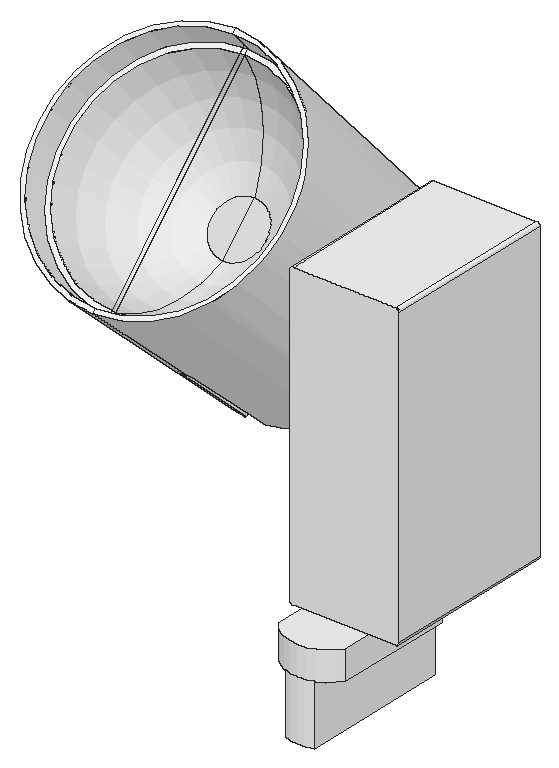
Revit family "0004935 Feilo Sylvania Lighting Fixture START TRACK SPOT L DALI 3616LM 940 MB WHT", category Lighting Fixtures, host Face, Revit 2017
Family settings
  Host = Face
  Round Connector Dimension = Use Diameter
  Part Type = Normal
  OmniClass Number = 23.80.70.00
  OmniClass Title = Lighting
  Cut with Voids When Loaded = No
  Light Source = No
  Shared = No
  Room Calculation Point = No
Parameters (values of type "0004935 START TRACK SPOT L DALI 3616LM 940 MB WHT")
  Weight = "1.368 kg"
  Wattage Comments = ""
  WarrantyStartDate [instance] = "n/a"
  WarrantyGuarantorParts = "n/a"
  WarrantyDurationUnit = "n/a"
  WarrantyDurationParts = "n/a"
  WarrantyDescription = "n/a"
  Voltage = 230 V
  URL = "http://www.sylvania-lighting.com/"
  TypeName = "START TRACK SPOT L DALI 3616LM 940 MB WHT"
  TypeHead_FEILO = Start Track Spot Head : 0004878 START TRACK SPOT L 35W 4K RA90 MB WHITE
  TypeBox_FEILO = Start Track Spot Box : Type Large White
  Type Image = <None>
  Type Comments = "n/a"
  VerticalRotation_FEILO [instance] = 0.00°
  SlideEndAngle_FEILO [instance] = VerticalRotation_FEILO + 180.00°  # 180.00°
  SerialNumber [instance] = "n/a"
  Material_3_FEILO = none
  PowerFactor = 0.93
  PowerConsumption = "35 W"
  NominalLength = 0 mm
  NominalHeight = 240 mm
  NominalDepth = 164 mm
  Name = "START TRACK SPOT L DALI 3616LM 940 MB WHT"
  ModelReference = Name  # "START TRACK SPOT L DALI 3616LM 940 MB WHT"
  ModelNumber = "0004935"
  Model = Name  # "START TRACK SPOT L DALI 3616LM 940 MB WHT"
  Material = "adc12 aluminium housing, polycarbonate diffuser"
  ManufacturerName = "Feilo Sylvania"
  Manufacturer = "Feilo Sylvania"
  LuminousEfficacy = "103 lm/W"
  LuminaireType = ""
  LightOutputRatio = "100"
  LampsType = Lamp  # "LED"
  LampNominalLuminous = "3616 lm"
  LampMacAdamStep = "3"
  LampColourTemperature = "4000 K"
  LampColourRenderingIndex = "90"
  Lamp = "LED"
  Keynote = "16500"
  InstallationDate [instance] = "n/a"
  InputVoltage = "230-240V~"
  InputNominalFrequency = "50/60 Hz"
  IngressProtection = "IP20"
  ImpactProtectionIndex = "IK02"
  IfcExportType = "IfcLightFixtureType"
  IfcExportAs = "IfcLightFixtureType"
  HorizontalRotation_FEILO [instance] = 45.00°
  ExpectedLife = 50000
  ElectricShockClassification = "Class II"
  DurationUnit = "hours"
  DocumentationLiterature = "http://www.sylvania-lighting.com/product/en-int/products/0004878"
  DimmingControlOptions = "Dimmable"
  Material_2_FEILO = none
  Description = "Integrated LED spotlight, Textured White - RAL9016, compact and minimalist design, ideal for retail applications, die-cast aluminium body, passive cooling heatsink. Beam angle: 38°, color temperature: 4000K , total system power: 35W, total fixture output: 3616 lm, LOR: 100%, colour rendering: Ra: 90 typical, LED Chromaticity: 3 step MacAdam ellipse, lifetime: >50000 hours at L70B50, energy class: A++, A+, A, IR/UV free light source without heat radiation, operating voltage: 220-240V / 50-60Hz, drive current: 900mA, electronic driver, non-dimmable, power factor: 0.93, electrical protection: Class II, Global Track 3 Phase adapter suitable for Global trac 3-circuit tracks, ingress protection rating: IP20, suitable for internal environment only, horizontal rotation: 355°, vertical tilt: 90°, dimensions: Ø113x164x240, weight: 1.368kg."
  Default Elevation = 1219.2 mm
  CreatedOn = "04/26/2018"
  CreatedBy = ""
  Cost = 0
  built-in parameter 1114216 [instance] = (empty or 0)
  ClassificationValue = "EF_70_80"
  ClassificationName = "Uniclass2015"
  Material_1_FEILO = Body-Sylvania-StartTrackSpot-White
  BarCode [instance] = "n/a"
  AssetType = "Fixed"
  AssetIdentifier [instance] = "n/a"
  Assembly Code = "D5020200"
  Apparent Load = 35 VA
  Material_4_FEILO = none
Reference planes
  plane 1 "Center (Front/Back)": y = 0
  plane 2: z = 0
  plane 3 "Center (Left/Right)": x = 0
  plane 4: x = 15
  plane 5: x = -15
  plane 6: y = 35
  plane 7: y = -35
  plane 8: z = 13
  plane 9: z = -27
  plane 10: x = 6.5
  plane 11: x = -6.5
  plane 12: y = 27
  plane 13: y = -27
  plane 14: y = 20
Forms (mm)
  Extrusion 1, solid, material "Body-Sylvania-StartTrackSpot-White" <- "Material_1_FEILO"
    sketch origin (0, 0, 0) x (1, 0, 0) y (0, 1, 0)
      loop
        line (-15, 27) -> (-15, -27)
        arc (-15, -27) -> (0, -35) -> (15, -27) r 18.062
        line (15, -27) -> (15, 27)
        arc (15, 27) -> (0, 35) -> (-15, 27) r 18.062
    from 0 to 13
  Extrusion 2, solid, material "Body-Sylvania-StartTrackSpot-White" <- "Material_1_FEILO"
    sketch origin (0, 0, 0) x (1, 0, 0) y (0, 1, 0)
      loop
        arc (6.5, 33.79) -> (0, 35) -> (-6.5, 33.79) r 18.062
        line (-6.5, 33.79) -> (-6.5, -33.79)
        arc (-6.5, -33.79) -> (0, -35) -> (6.5, -33.79) r 18.062
        line (6.5, -33.79) -> (6.5, 33.79)
    from 0 to -27
  Revolve 3, solid, not visible
    sketch origin (1524, 20, 1219.2) x (1, 0, 0) y (0, 0, 1)
      loop
        line (-1524, -1206.2) -> (-1524, -1191.285) -> (-1530.5, -1191.285) -> (-1530.5, -1206.2) -> (-1524, -1206.2)
      axis (-1524, -1191.285) -> (-1524, -1206.2)
    angle from 0 <- "VerticalRotation_FEILO" to 180 <- "SlideEndAngle_FEILO"
Cuts and joins
  joined: Extrusion 1, Extrusion 2
Dimensions and locks
  equal spacing: plane 10, plane 3 "Center (Left/Right)", plane 11
  equal spacing: plane 4, plane 3 "Center (Left/Right)", plane 5
  locked: plane 8 to plane 2 at 13
  locked: plane 8 to plane 9 at 40
  equal spacing: plane 13, plane 1 "Center (Front/Back)", plane 12
  locked: plane 12 to plane 6 at 8
  locked: plane 14 to plane 6 at 15
  locked: Revolve 3 sketch curve to plane 8 at 14.915
  aligned and locked: plane 2 to host face
  aligned and locked: level to host face
  aligned and locked: plane 5 to Extrusion 1 sketch curve  (x2)
  aligned and locked: plane 12 to Extrusion 1 sketch curve
  aligned and locked: plane 13 to Extrusion 1 sketch curve
  aligned and locked: plane 4 to Extrusion 1 sketch curve
  aligned and locked: Extrusion 1 to plane 8
  aligned and locked: Extrusion 1 to level
  aligned and locked: Extrusion 2 sketch curve to Extrusion 1  (x2)
  aligned and locked: Extrusion 2 sketch curve to plane 11
  aligned and locked: plane 10 to Extrusion 2 sketch curve
  aligned and locked: plane 9 to Extrusion 2
  aligned and locked: level to Extrusion 2
  aligned and locked: Revolve 3 sketch curve to plane 3 "Center (Left/Right)"  (x2)
  aligned and locked: plane 11 to Revolve 3 sketch curve
  aligned and locked: Revolve 3 sketch curve to plane 8
Automatic sketch dimensions
  host sketch curve to host sketch curve = 2438.4 mm  (x2)
  Extrusion 1 sketch curve to plane 3 "Center (Left/Right)" = 0 mm  (x2)
  Extrusion 1 sketch curve to plane 13 = 10.062 mm
  plane 12 to Extrusion 1 sketch curve = 10.062 mm
  Revolve 3 sketch curve to plane 3 "Center (Left/Right)" = 0 mm
  plane 9 to Revolve 3 sketch curve = 582.6 mm
  Revolve 3 sketch curve to Revolve 3 sketch curve = 2581.144 mm
Nested families
  nested 1: "Start Track Spot Head" at (-75.5, 20, 133) x (0, 0.7071, 0.7071) z (0, 0.7071, -0.7071), type <- "TypeHead_FEILO", type "0004878 START TRACK SPOT L 35W 4K RA90 MB WHITE"
    with built-in parameter 1114216 (empty or 0)
  nested 2: "Start Track Spot Box" at (8.5, 20, 85) x (-1, 0, 0) z (0, -1, 0), BoxStartAngle_FEILO <- "HorizontalRotation_FEILO", type <- "TypeBox_FEILO", type "Type Large White"
    with BoxStartAngle_FEILO 45.00°, BoxEndAngle_FEILO -135.00°
Connectors
  electrical at (0, 0, 0), driven by "Apparent Load", driven by "PowerFactor", driven by "Voltage"
    settings: index 1, voltage 230 V, apparent load 35 VA, apparent load phase1 0 VA, apparent load phase2 0 VA, apparent load phase3 0 VA, power factor 0.93, load classification "Lighting", number of poles 1, system type 30, power factor state 1, is connector primary yes, connector utility no, sub classification motor no, connector description ""
Definition of nested family "Start Track Spot Head"
  Parameters (values of type "0004811 START TRACK SPOT S 14W 3K RA80 NB WHITE")
    Wattage Comments = "n/a"
    Wattage = 14 W
    built-in parameter 1150110 = 1 (stored number, unit not read)
    URL = "http://www.feilosylvania.com"
    Type Image = (empty or 0)
    Type Comments = "n/a"
    built-in parameter 1114217 = 1 (stored number, unit not read)
    Tilt Angle = -90.00°
    built-in parameter 1150109 = 1 (stored number, unit not read)
    built-in parameter 1150134 = (empty or 0)
    built-in parameter 1150113 = 1 (stored number, unit not read)
    Photometric Web File = "0004811.ies"
    Material_3_FEILO = none
    Model = "START TRACK SPOT S 14W 3K RA80 NB WHITE"
    Manufacturer = "Feilo Sylvania"
    built-in parameter 1150105 = 123.66 (stored number, unit not read)
    Lumens = 1554 lm
    built-in parameter 1150115 = 1 (stored number, unit not read)
    built-in parameter 1150137 = (empty or 0)
    built-in parameter 1150139 = (empty or 0)
    built-in parameter 1150112 = 1 (stored number, unit not read)
    built-in parameter 1150114 = 1 (stored number, unit not read)
    Lamp = "LED"
    Keynote = "16500"
    Material_2_FEILO = none
    built-in parameter 1150132 = (empty or 0)
    built-in parameter 1150102 = (empty or 0)
    built-in parameter 1150107 = 3000 (stored number, unit not read)
    built-in parameter 1150138 = (empty or 0)
    built-in parameter 1150106 = 1.2366 (stored number, unit not read)
    HeadThickness_FEILO = if(HeadDiaOut_FEILO > 112 mm, 2 mm, 1.5 mm)  # 1.5 mm
    HeadRibOffset_FEILO = HeadHeight_FEILO / 28  # 4.179 mm
    HeadRibDepth_FEILO = HeadHeight_FEILO / 2.1  # 55.714 mm
    HeadRibCutWidth_FEILO = HeadDiaOut_FEILO / 12  # 7.167 mm
    HeadRibCutOffset_FEILO = HeadHeight_FEILO / 2.3  # 50.87 mm
    HeadReflectorRadius_FEILO = HeadDiaOut_FEILO / 1.7  # 50.588 mm
    HeadReflectorOffset_FEILO = HeadHeight_FEILO / 2.1  # 55.714 mm
    HeadLEDRadius_FEILO = HeadDiaOut_FEILO / 9  # 9.556 mm
    HeadHeight_FEILO = 117 mm
    HeadDraft_FEILO = 1 mm
    HeadDiffusorThickness_FEILO = 3 mm
    HeadDiffusorOffset_FEILO = HeadHeight_FEILO / 12.4  # 9.435 mm
    HeadDiaOut_FEILO = 86 mm
    HeadDiaIn_FEILO = HeadDiaOut_FEILO / 1.11  # 77.477 mm
    HeadAxisFromTop_FEILO = HeadHeight_FEILO / 1.687  # 69.354 mm
    Emit from Circle Diameter = HeadDiaIn_FEILO  # 77.477 mm
    Emit Shape Visible in Rendering = no
    built-in parameter 1150104 = 10.312 (stored number, unit not read)
    Dimming Lamp Color Temperature Shift = (empty or 0)
    Description = "Integrated LED spotlight, Textured White - RAL9016, compact and minimalist design, ideal for retail applications, die-cast aluminium body, passive cooling heatsink. Beam angle: 12°, color temperature: 3000K , total system power: 14W, total fixture output: 1551 lm, LOR: 100%, colour rendering: Ra: 80 typical, LED Chromaticity: 3 step MacAdam ellipse, lifetime: >50000 hours at L70B50, energy class: A++, A+, A, IR/UV free light source without heat radiation, operating voltage: 220-240V / 50-60Hz, drive current: 350mA, electronic driver, non-dimmable, power factor: 0.92, electrical protection: Class II, Global Track 3 Phase adapter suitable for Global trac 3-circuit tracks, ingress protection rating: IP20, suitable for internal environment only, horizontal rotation: 355°, vertical tilt: 90°, dimensions: Ø86x140x200, weight: 0.940kg."
    Default Elevation = 1219.2 mm
    Cost = 0
    Color Filter = 16777215
    built-in parameter 1114216 [instance] = (empty or 0)
    Material_1_FEILO = none
    built-in parameter 1114218 = 1 (stored number, unit not read)
    built-in parameter 1150133 = 10 (stored number, unit not read)
    Assembly Code = "D5020200"
    Apparent Load = 14 VA
    Material_4_FEILO = none
  Types (96, lengths in mm): name | Wattage | built-in parameter 1150134 | Photometric Web File | Model | built-in parameter 1150105 | Lumens | built-in parameter 1150107 | built-in parameter 1150106 | HeadThickness_FEILO | HeadRibOffset_FEILO | HeadRibDepth_FEILO | HeadRibCutWidth_FEILO | HeadRibCutOffset_FEILO | HeadReflectorRadius_FEILO | HeadReflectorOffset_FEILO | HeadLEDRadius_FEILO | HeadHeight_FEILO | HeadDiffusorOffset_FEILO | HeadDiaOut_FEILO | HeadDiaIn_FEILO | HeadAxisFromTop_FEILO | Emit from Circle Diameter | built-in parameter 1150104 | Description | Apparent Load
    0004906 START TRACK SPOT L 55W 4K RA90 WB BLACK | 55 W | 12 | "0004906.ies" | "START TRACK SPOT L 55W 4K RA90 WB BLACK" | 385.15 (stored number, unit not read) | 4840 lm | 4000 (stored number, unit not read) | 3.8515 (stored number, unit not read) | 2 | 4.429 | 59.048 | 9.417 | 53.913 | 66.471 | 59.048 | 12.556 | 124 | 10 | 113 | 101.802 | 73.503 | 101.802 | 8.1755 (stored number, unit not read) | "Integrated LED spotlight, Textured Black - RAL9005, compact and minimalist design, ideal for retail applications, die-cast aluminium body, passive cooling heatsink. Beam angle: 52°, color temperature: 4000K , total system power: 55W, total fixture output: 4824 lm, LOR: 100%, colour rendering: Ra: 90 typical, LED Chromaticity: 3 step MacAdam ellipse, lifetime: >50000 hours at L70B50, energy class: A++, A+, A, IR/UV free light source without heat radiation, operating voltage: 220-240V / 50-60Hz, drive current: 1400mA, electronic driver, non-dimmable, power factor: 0.96, electrical protection: Class II, Global Track 3 Phase adapter suitable for Global trac 3-circuit tracks, ingress protection rating: IP20, suitable for internal environment only, horizontal rotation: 355°, vertical tilt: 90°, dimensions: Ø113x164x240, weight: 1.398kg." | 55 VA
    0004905 START TRACK SPOT L 55W 4K RA90 MB BLACK | 55 W | 12 | "0004905.ies" | "START TRACK SPOT L 55W 4K RA90 MB BLACK" | 389.53 (stored number, unit not read) | 4895 lm | 4000 (stored number, unit not read) | 3.8953 (stored number, unit not read) | 2 | 4.429 | 59.048 | 9.417 | 53.913 | 66.471 | 59.048 | 12.556 | 124 | 10 | 113 | 101.802 | 73.503 | 101.802 | 8.2684 (stored number, unit not read) | "Integrated LED spotlight, Textured Black - RAL9005, compact and minimalist design, ideal for retail applications, die-cast aluminium body, passive cooling heatsink. Beam angle: 38°, color temperature: 4000K , total system power: 55W, total fixture output: 4897 lm, LOR: 100%, colour rendering: Ra: 90 typical, LED Chromaticity: 3 step MacAdam ellipse, lifetime: >50000 hours at L70B50, energy class: A++, A+, A, IR/UV free light source without heat radiation, operating voltage: 220-240V / 50-60Hz, drive current: 1400mA, electronic driver, non-dimmable, power factor: 0.96, electrical protection: Class II, Global Track 3 Phase adapter suitable for Global trac 3-circuit tracks, ingress protection rating: IP20, suitable for internal environment only, horizontal rotation: 355°, vertical tilt: 90°, dimensions: Ø113x164x240, weight: 1.398kg." | 55 VA
    0004904 START TRACK SPOT L 55W 4K RA90 NB BLACK | 55 W | 12 | "0004904.ies" | "START TRACK SPOT L 55W 4K RA90 NB BLACK" | 393.91 (stored number, unit not read) | 4950 lm | 4000 (stored number, unit not read) | 3.9391 (stored number, unit not read) | 2 | 4.429 | 59.048 | 9.417 | 53.913 | 66.471 | 59.048 | 12.556 | 124 | 10 | 113 | 101.802 | 73.503 | 101.802 | 8.3613 (stored number, unit not read) | "Integrated LED spotlight, Textured Black - RAL9005, compact and minimalist design, ideal for retail applications, die-cast aluminium body, passive cooling heatsink. Beam angle: 15°, color temperature: 4000K , total system power: 55W, total fixture output: 4965 lm, LOR: 100%, colour rendering: Ra: 90 typical, LED Chromaticity: 3 step MacAdam ellipse, lifetime: >50000 hours at L70B50, energy class: A++, A+, A, IR/UV free light source without heat radiation, operating voltage: 220-240V / 50-60Hz, drive current: 1400mA, electronic driver, non-dimmable, power factor: 0.96, electrical protection: Class II, Global Track 3 Phase adapter suitable for Global trac 3-circuit tracks, ingress protection rating: IP20, suitable for internal environment only, horizontal rotation: 355°, vertical tilt: 90°, dimensions: Ø113x164x240, weight: 1.398kg." | 55 VA
    0004903 START TRACK SPOT L 35W 4K RA90 WB BLACK | 35 W | 12 | "0004903.ies" | "START TRACK SPOT L 35W 4K RA90 WB BLACK" | 284.09 (stored number, unit not read) | 3570 lm | 4000 (stored number, unit not read) | 2.8409 (stored number, unit not read) | 2 | 4.429 | 59.048 | 9.417 | 53.913 | 66.471 | 59.048 | 12.556 | 124 | 10 | 113 | 101.802 | 73.503 | 101.802 | 9.4761 (stored number, unit not read) | "Integrated LED spotlight, Textured Black - RAL9005, compact and minimalist design, ideal for retail applications, die-cast aluminium body, passive cooling heatsink. Beam angle: 52°, color temperature: 4000K , total system power: 35W, total fixture output: 3562 lm, LOR: 100%, colour rendering: Ra: 90 typical, LED Chromaticity: 3 step MacAdam ellipse, lifetime: >50000 hours at L70B50, energy class: A++, A+, A, IR/UV free light source without heat radiation, operating voltage: 220-240V / 50-60Hz, drive current: 900mA, electronic driver, non-dimmable, power factor: 0.93, electrical protection: Class II, Global Track 3 Phase adapter suitable for Global trac 3-circuit tracks, ingress protection rating: IP20, suitable for internal environment only, horizontal rotation: 355°, vertical tilt: 90°, dimensions: Ø113x164x240, weight: 1.368kg." | 35 VA
    0004902 START TRACK SPOT L 35W 4K RA90 MB BLACK | 35 W | 12 | "0004902.ies" | "START TRACK SPOT L 35W 4K RA90 MB BLACK" | 286.88 (stored number, unit not read) | 3605 lm | 4000 (stored number, unit not read) | 2.8688 (stored number, unit not read) | 2 | 4.429 | 59.048 | 9.417 | 53.913 | 66.471 | 59.048 | 12.556 | 124 | 10 | 113 | 101.802 | 73.503 | 101.802 | 9.569 (stored number, unit not read) | "Integrated LED spotlight, Textured Black - RAL9005, compact and minimalist design, ideal for retail applications, die-cast aluminium body, passive cooling heatsink. Beam angle: 38°, color temperature: 4000K , total system power: 35W, total fixture output: 3616 lm, LOR: 100%, colour rendering: Ra: 90 typical, LED Chromaticity: 3 step MacAdam ellipse, lifetime: >50000 hours at L70B50, energy class: A++, A+, A, IR/UV free light source without heat radiation, operating voltage: 220-240V / 50-60Hz, drive current: 900mA, electronic driver, non-dimmable, power factor: 0.93, electrical protection: Class II, Global Track 3 Phase adapter suitable for Global trac 3-circuit tracks, ingress protection rating: IP20, suitable for internal environment only, horizontal rotation: 355°, vertical tilt: 90°, dimensions: Ø113x164x240, weight: 1.368kg." | 35 VA
    0004901 START TRACK SPOT L 35W 4K RA90 NB BLACK | 35 W | 12 | "0004901.ies" | "START TRACK SPOT L 35W 4K RA90 NB BLACK" | 286.88 (stored number, unit not read) | 3605 lm | 4000 (stored number, unit not read) | 2.8688 (stored number, unit not read) | 2 | 4.429 | 59.048 | 9.417 | 53.913 | 66.471 | 59.048 | 12.556 | 124 | 10 | 113 | 101.802 | 73.503 | 101.802 | 9.569 (stored number, unit not read) | "Integrated LED spotlight, Textured Black - RAL9005, compact and minimalist design, ideal for retail applications, die-cast aluminium body, passive cooling heatsink. Beam angle: 15°, color temperature: 4000K , total system power: 35W, total fixture output: 3593 lm, LOR: 100%, colour rendering: Ra: 90 typical, LED Chromaticity: 3 step MacAdam ellipse, lifetime: >50000 hours at L70B50, energy class: A++, A+, A, IR/UV free light source without heat radiation, operating voltage: 220-240V / 50-60Hz, drive current: 900mA, electronic driver, non-dimmable, power factor: 0.93, electrical protection: Class II, Global Track 3 Phase adapter suitable for Global trac 3-circuit tracks, ingress protection rating: IP20, suitable for internal environment only, horizontal rotation: 355°, vertical tilt: 90°, dimensions: Ø113x164x240, weight: 1.368kg." | 35 VA
    0004900 START TRACK SPOT S 24W 4K RA90 WB BLACK | 24 W | 12 | "0004900.ies" | "START TRACK SPOT S 24W 4K RA90 WB BLACK" | 166.16 (stored number, unit not read) | 2088 lm | 4000 (stored number, unit not read) | 1.6616 (stored number, unit not read) | 1.5 | 4.179 | 55.714 | 7.167 | 50.87 | 50.588 | 55.714 | 9.556 | 117 | 9.435 | 86 | 77.477 | 69.354 | 77.477 | 8.0826 (stored number, unit not read) | "Integrated LED spotlight, Textured Black - RAL9005, compact and minimalist design, ideal for retail applications, die-cast aluminium body, passive cooling heatsink. Beam angle: 64°, color temperature: 4000K , total system power: 24W, total fixture output: 2087 lm, LOR: 100%, colour rendering: Ra: 90 typical, LED Chromaticity: 3 step MacAdam ellipse, lifetime: >50000 hours at L70B50, energy class: A++, A+, A, IR/UV free light source without heat radiation, operating voltage: 220-240V / 50-60Hz, drive current: 600mA, electronic driver, non-dimmable, power factor: 0.95, electrical protection: Class II, Global Track 3 Phase adapter suitable for Global trac 3-circuit tracks, ingress protection rating: IP20, suitable for internal environment only, horizontal rotation: 355°, vertical tilt: 90°, dimensions: Ø86x140x200, weight: 0.966kg." | 24 VA
    0004899 START TRACK SPOT S 24W 4K RA90 MB BLACK | 24 W | 12 | "0004899.ies" | "START TRACK SPOT S 24W 4K RA90 MB BLACK" | 169.98 (stored number, unit not read) | 2136 lm | 4000 (stored number, unit not read) | 1.6998 (stored number, unit not read) | 1.5 | 4.179 | 55.714 | 7.167 | 50.87 | 50.588 | 55.714 | 9.556 | 117 | 9.435 | 86 | 77.477 | 69.354 | 77.477 | 8.2684 (stored number, unit not read) | "Integrated LED spotlight, Textured Black - RAL9005, compact and minimalist design, ideal for retail applications, die-cast aluminium body, passive cooling heatsink. Beam angle: 36°, color temperature: 4000K , total system power: 24W, total fixture output: 2141 lm, LOR: 100%, colour rendering: Ra: 90 typical, LED Chromaticity: 3 step MacAdam ellipse, lifetime: >50000 hours at L70B50, energy class: A++, A+, A, IR/UV free light source without heat radiation, operating voltage: 220-240V / 50-60Hz, drive current: 600mA, electronic driver, non-dimmable, power factor: 0.95, electrical protection: Class II, Global Track 3 Phase adapter suitable for Global trac 3-circuit tracks, ingress protection rating: IP20, suitable for internal environment only, horizontal rotation: 355°, vertical tilt: 90°, dimensions: Ø86x140x200, weight: 0.966kg." | 24 VA
    0004898 START TRACK SPOT S 24W 4K RA90 NB BLACK | 24 W | 12 | "0004898.ies" | "START TRACK SPOT S 24W 4K RA90 NB BLACK" | 171.89 (stored number, unit not read) | 2160 lm | 4000 (stored number, unit not read) | 1.7189 (stored number, unit not read) | 1.5 | 4.179 | 55.714 | 7.167 | 50.87 | 50.588 | 55.714 | 9.556 | 117 | 9.435 | 86 | 77.477 | 69.354 | 77.477 | 8.3613 (stored number, unit not read) | "Integrated LED spotlight, Textured Black - RAL9005, compact and minimalist design, ideal for retail applications, die-cast aluminium body, passive cooling heatsink. Beam angle: 12°, color temperature: 4000K , total system power: 24W, total fixture output: 2155 lm, LOR: 100%, colour rendering: Ra: 90 typical, LED Chromaticity: 3 step MacAdam ellipse, lifetime: >50000 hours at L70B50, energy class: A++, A+, A, IR/UV free light source without heat radiation, operating voltage: 220-240V / 50-60Hz, drive current: 600mA, electronic driver, non-dimmable, power factor: 0.95, electrical protection: Class II, Global Track 3 Phase adapter suitable for Global trac 3-circuit tracks, ingress protection rating: IP20, suitable for internal environment only, horizontal rotation: 355°, vertical tilt: 90°, dimensions: Ø86x140x200, weight: 0.966kg." | 24 VA
    0004897 START TRACK SPOT S 14W 4K RA90 WB BLACK | 14 W | 12 | "0004897.ies" | "START TRACK SPOT S 14W 4K RA90 WB BLACK" | 108.07 (stored number, unit not read) | 1358 lm | 4000 (stored number, unit not read) | 1.0807 (stored number, unit not read) | 1.5 | 4.179 | 55.714 | 7.167 | 50.87 | 50.588 | 55.714 | 9.556 | 117 | 9.435 | 86 | 77.477 | 69.354 | 77.477 | 9.0116 (stored number, unit not read) | "Integrated LED spotlight, Textured Black - RAL9005, compact and minimalist design, ideal for retail applications, die-cast aluminium body, passive cooling heatsink. Beam angle: 64°, color temperature: 4000K , total system power: 14W, total fixture output: 1352 lm, LOR: 100%, colour rendering: Ra: 90 typical, LED Chromaticity: 3 step MacAdam ellipse, lifetime: >50000 hours at L70B50, energy class: A++, A+, A, IR/UV free light source without heat radiation, operating voltage: 220-240V / 50-60Hz, drive current: 350mA, electronic driver, non-dimmable, power factor: 0.92, electrical protection: Class II, Global Track 3 Phase adapter suitable for Global trac 3-circuit tracks, ingress protection rating: IP20, suitable for internal environment only, horizontal rotation: 355°, vertical tilt: 90°, dimensions: Ø86x140x200, weight: 0.940kg." | 14 VA
    0004896 START TRACK SPOT S 14W 4K RA90 MB BLACK | 14 W | 12 | "0004896.ies" | "START TRACK SPOT S 14W 4K RA90 MB BLACK" | 108.07 (stored number, unit not read) | 1358 lm | 4000 (stored number, unit not read) | 1.0807 (stored number, unit not read) | 1.5 | 4.179 | 55.714 | 7.167 | 50.87 | 50.588 | 55.714 | 9.556 | 117 | 9.435 | 86 | 77.477 | 69.354 | 77.477 | 9.0116 (stored number, unit not read) | "Integrated LED spotlight, Textured Black - RAL9005, compact and minimalist design, ideal for retail applications, die-cast aluminium body, passive cooling heatsink. Beam angle: 36°, color temperature: 4000K , total system power: 14W, total fixture output: 1359 lm, LOR: 100%, colour rendering: Ra: 90 typical, LED Chromaticity: 3 step MacAdam ellipse, lifetime: >50000 hours at L70B50, energy class: A++, A+, A, IR/UV free light source without heat radiation, operating voltage: 220-240V / 50-60Hz, drive current: 350mA, electronic driver, non-dimmable, power factor: 0.92, electrical protection: Class II, Global Track 3 Phase adapter suitable for Global trac 3-circuit tracks, ingress protection rating: IP20, suitable for internal environment only, horizontal rotation: 355°, vertical tilt: 90°, dimensions: Ø86x140x200, weight: 0.940kg." | 14 VA
    0004895 START TRACK SPOT S 14W 4K RA90 NB BLACK | 14 W | 12 | "0004895.ies" | "START TRACK SPOT S 14W 4K RA90 NB BLACK" | 106.95 (stored number, unit not read) | 1344 lm | 4000 (stored number, unit not read) | 1.0695 (stored number, unit not read) | 1.5 | 4.179 | 55.714 | 7.167 | 50.87 | 50.588 | 55.714 | 9.556 | 117 | 9.435 | 86 | 77.477 | 69.354 | 77.477 | 8.9187 (stored number, unit not read) | "Integrated LED spotlight, Textured Black - RAL9005, compact and minimalist design, ideal for retail applications, die-cast aluminium body, passive cooling heatsink. Beam angle: 12°, color temperature: 4000K , total system power: 14W, total fixture output: 1349 lm, LOR: 100%, colour rendering: Ra: 90 typical, LED Chromaticity: 3 step MacAdam ellipse, lifetime: >50000 hours at L70B50, energy class: A++, A+, A, IR/UV free light source without heat radiation, operating voltage: 220-240V / 50-60Hz, drive current: 350mA, electronic driver, non-dimmable, power factor: 0.92, electrical protection: Class II, Global Track 3 Phase adapter suitable for Global trac 3-circuit tracks, ingress protection rating: IP20, suitable for internal environment only, horizontal rotation: 355°, vertical tilt: 90°, dimensions: Ø86x140x200, weight: 0.940kg." | 14 VA
    0004894 START TRACK SPOT L 55W 3K RA90 WB BLACK | 55 W | (empty or 0) | "0004894.ies" | "START TRACK SPOT L 55W 3K RA90 WB BLACK" | 350.14 (stored number, unit not read) | 4400 lm | 3000 (stored number, unit not read) | 3.5014 (stored number, unit not read) | 2 | 4.429 | 59.048 | 9.417 | 53.913 | 66.471 | 59.048 | 12.556 | 124 | 10 | 113 | 101.802 | 73.503 | 101.802 | 7.4322 (stored number, unit not read) | "Integrated LED spotlight, Textured Black - RAL9005, compact and minimalist design, ideal for retail applications, die-cast aluminium body, passive cooling heatsink. Beam angle: 52°, color temperature: 3000K , total system power: 55W, total fixture output: 4405 lm, LOR: 100%, colour rendering: Ra: 90 typical, LED Chromaticity: 3 step MacAdam ellipse, lifetime: >50000 hours at L70B50, energy class: A++, A+, A, IR/UV free light source without heat radiation, operating voltage: 220-240V / 50-60Hz, drive current: 1400mA, electronic driver, non-dimmable, power factor: 0.96, electrical protection: Class II, Global Track 3 Phase adapter suitable for Global trac 3-circuit tracks, ingress protection rating: IP20, suitable for internal environment only, horizontal rotation: 355°, vertical tilt: 90°, dimensions: Ø113x164x240, weight: 1.398kg." | 55 VA
    0004893 START TRACK SPOT L 55W 3K RA90 MB BLACK | 55 W | (empty or 0) | "0004893.ies" | "START TRACK SPOT L 55W 3K RA90 MB BLACK" | 354.52 (stored number, unit not read) | 4455 lm | 3000 (stored number, unit not read) | 3.5452 (stored number, unit not read) | 2 | 4.429 | 59.048 | 9.417 | 53.913 | 66.471 | 59.048 | 12.556 | 124 | 10 | 113 | 101.802 | 73.503 | 101.802 | 7.5251 (stored number, unit not read) | "Integrated LED spotlight, Textured Black - RAL9005, compact and minimalist design, ideal for retail applications, die-cast aluminium body, passive cooling heatsink. Beam angle: 38°, color temperature: 3000K , total system power: 55W, total fixture output: 4448 lm, LOR: 100%, colour rendering: Ra: 90 typical, LED Chromaticity: 3 step MacAdam ellipse, lifetime: >50000 hours at L70B50, energy class: A++, A+, A, IR/UV free light source without heat radiation, operating voltage: 220-240V / 50-60Hz, drive current: 1400mA, electronic driver, non-dimmable, power factor: 0.96, electrical protection: Class II, Global Track 3 Phase adapter suitable for Global trac 3-circuit tracks, ingress protection rating: IP20, suitable for internal environment only, horizontal rotation: 355°, vertical tilt: 90°, dimensions: Ø113x164x240, weight: 1.398kg." | 55 VA
    0004892 START TRACK SPOT L 55W 3K RA90 NB BLACK | 55 W | (empty or 0) | "0004892.ies" | "START TRACK SPOT L 55W 3K RA90 NB BLACK" | 350.14 (stored number, unit not read) | 4400 lm | 3000 (stored number, unit not read) | 3.5014 (stored number, unit not read) | 2 | 4.429 | 59.048 | 9.417 | 53.913 | 66.471 | 59.048 | 12.556 | 124 | 10 | 113 | 101.802 | 73.503 | 101.802 | 7.4322 (stored number, unit not read) | "Integrated LED spotlight, Textured Black - RAL9005, compact and minimalist design, ideal for retail applications, die-cast aluminium body, passive cooling heatsink. Beam angle: 15°, color temperature: 3000K , total system power: 55W, total fixture output: 4416 lm, LOR: 100%, colour rendering: Ra: 90 typical, LED Chromaticity: 3 step MacAdam ellipse, lifetime: >50000 hours at L70B50, energy class: A++, A+, A, IR/UV free light source without heat radiation, operating voltage: 220-240V / 50-60Hz, drive current: 1400mA, electronic driver, non-dimmable, power factor: 0.96, electrical protection: Class II, Global Track 3 Phase adapter suitable for Global trac 3-circuit tracks, ingress protection rating: IP20, suitable for internal environment only, horizontal rotation: 355°, vertical tilt: 90°, dimensions: Ø113x164x240, weight: 1.398kg." | 55 VA
    0004891 START TRACK SPOT L 35W 3K RA90 WB BLACK | 35 W | (empty or 0) | "0004891.ies" | "START TRACK SPOT L 35W 3K RA90 WB BLACK" | 259.02 (stored number, unit not read) | 3255 lm | 3000 (stored number, unit not read) | 2.5902 (stored number, unit not read) | 2 | 4.429 | 59.048 | 9.417 | 53.913 | 66.471 | 59.048 | 12.556 | 124 | 10 | 113 | 101.802 | 73.503 | 101.802 | 8.64 (stored number, unit not read) | "Integrated LED spotlight, Textured Black - RAL9005, compact and minimalist design, ideal for retail applications, die-cast aluminium body, passive cooling heatsink. Beam angle: 52°, color temperature: 3000K , total system power: 35W, total fixture output: 3260 lm, LOR: 100%, colour rendering: Ra: 90 typical, LED Chromaticity: 3 step MacAdam ellipse, lifetime: >50000 hours at L70B50, energy class: A++, A+, A, IR/UV free light source without heat radiation, operating voltage: 220-240V / 50-60Hz, drive current: 900mA, electronic driver, non-dimmable, power factor: 0.93, electrical protection: Class II, Global Track 3 Phase adapter suitable for Global trac 3-circuit tracks, ingress protection rating: IP20, suitable for internal environment only, horizontal rotation: 355°, vertical tilt: 90°, dimensions: Ø113x164x240, weight: 1.368kg." | 35 VA
    0004890 START TRACK SPOT L 35W 3K RA90 MB BLACK | 35 W | (empty or 0) | "0004890.ies" | "START TRACK SPOT L 35W 3K RA90 MB BLACK" | 261.81 (stored number, unit not read) | 3290 lm | 3000 (stored number, unit not read) | 2.6181 (stored number, unit not read) | 2 | 4.429 | 59.048 | 9.417 | 53.913 | 66.471 | 59.048 | 12.556 | 124 | 10 | 113 | 101.802 | 73.503 | 101.802 | 8.7329 (stored number, unit not read) | "Integrated LED spotlight, Textured Black - RAL9005, compact and minimalist design, ideal for retail applications, die-cast aluminium body, passive cooling heatsink. Beam angle: 38°, color temperature: 3000K , total system power: 35W, total fixture output: 3306 lm, LOR: 100%, colour rendering: Ra: 90 typical, LED Chromaticity: 3 step MacAdam ellipse, lifetime: >50000 hours at L70B50, energy class: A++, A+, A, IR/UV free light source without heat radiation, operating voltage: 220-240V / 50-60Hz, drive current: 900mA, electronic driver, non-dimmable, power factor: 0.93, electrical protection: Class II, Global Track 3 Phase adapter suitable for Global trac 3-circuit tracks, ingress protection rating: IP20, suitable for internal environment only, horizontal rotation: 355°, vertical tilt: 90°, dimensions: Ø113x164x240, weight: 1.368kg." | 35 VA
    0004889 START TRACK SPOT L 35W 3K RA90 NB BLACK | 35 W | (empty or 0) | "0004889.ies" | "START TRACK SPOT L 35W 3K RA90 NB BLACK" | 261.81 (stored number, unit not read) | 3290 lm | 3000 (stored number, unit not read) | 2.6181 (stored number, unit not read) | 2 | 4.429 | 59.048 | 9.417 | 53.913 | 66.471 | 59.048 | 12.556 | 124 | 10 | 113 | 101.802 | 73.503 | 101.802 | 8.7329 (stored number, unit not read) | "Integrated LED spotlight, Textured Black - RAL9005, compact and minimalist design, ideal for retail applications, die-cast aluminium body, passive cooling heatsink. Beam angle: 15°, color temperature: 3000K , total system power: 35W, total fixture output: 3287 lm, LOR: 100%, colour rendering: Ra: 90 typical, LED Chromaticity: 3 step MacAdam ellipse, lifetime: >50000 hours at L70B50, energy class: A++, A+, A, IR/UV free light source without heat radiation, operating voltage: 220-240V / 50-60Hz, drive current: 900mA, electronic driver, non-dimmable, power factor: 0.93, electrical protection: Class II, Global Track 3 Phase adapter suitable for Global trac 3-circuit tracks, ingress protection rating: IP20, suitable for internal environment only, horizontal rotation: 355°, vertical tilt: 90°, dimensions: Ø113x164x240, weight: 1.368kg." | 35 VA
    0004888 START TRACK SPOT S 24W 3K RA90 WB BLACK | 24 W | (empty or 0) | "0004888.ies" | "START TRACK SPOT S 24W 3K RA90 WB BLACK" | 152.79 (stored number, unit not read) | 1920 lm | 3000 (stored number, unit not read) | 1.5279 (stored number, unit not read) | 1.5 | 4.179 | 55.714 | 7.167 | 50.87 | 50.588 | 55.714 | 9.556 | 117 | 9.435 | 86 | 77.477 | 69.354 | 77.477 | 7.4322 (stored number, unit not read) | "Integrated LED spotlight, Textured Black - RAL9005, compact and minimalist design, ideal for retail applications, die-cast aluminium body, passive cooling heatsink. Beam angle: 64°, color temperature: 3000K , total system power: 24W, total fixture output: 1928 lm, LOR: 100%, colour rendering: Ra: 90 typical, LED Chromaticity: 3 step MacAdam ellipse, lifetime: >50000 hours at L70B50, energy class: A++, A+, A, IR/UV free light source without heat radiation, operating voltage: 220-240V / 50-60Hz, drive current: 600mA, electronic driver, non-dimmable, power factor: 0.95, electrical protection: Class II, Global Track 3 Phase adapter suitable for Global trac 3-circuit tracks, ingress protection rating: IP20, suitable for internal environment only, horizontal rotation: 355°, vertical tilt: 90°, dimensions: Ø86x140x200, weight: 0.966kg." | 24 VA
    0004887 START TRACK SPOT S 24W 3K RA90 MB BLACK | 24 W | (empty or 0) | "0004887.ies" | "START TRACK SPOT S 24W 3K RA90 MB BLACK" | 154.7 (stored number, unit not read) | 1944 lm | 3000 (stored number, unit not read) | 1.547 (stored number, unit not read) | 1.5 | 4.179 | 55.714 | 7.167 | 50.87 | 50.588 | 55.714 | 9.556 | 117 | 9.435 | 86 | 77.477 | 69.354 | 77.477 | 7.5251 (stored number, unit not read) | "Integrated LED spotlight, Textured Black - RAL9005, compact and minimalist design, ideal for retail applications, die-cast aluminium body, passive cooling heatsink. Beam angle: 36°, color temperature: 3000K , total system power: 24W, total fixture output: 1944 lm, LOR: 100%, colour rendering: Ra: 90 typical, LED Chromaticity: 3 step MacAdam ellipse, lifetime: >50000 hours at L70B50, energy class: A++, A+, A, IR/UV free light source without heat radiation, operating voltage: 220-240V / 50-60Hz, drive current: 600mA, electronic driver, non-dimmable, power factor: 0.95, electrical protection: Class II, Global Track 3 Phase adapter suitable for Global trac 3-circuit tracks, ingress protection rating: IP20, suitable for internal environment only, horizontal rotation: 355°, vertical tilt: 90°, dimensions: Ø86x140x200, weight: 0.966kg." | 24 VA
    0004886 START TRACK SPOT S 24W 3K RA90 NB BLACK | 24 W | (empty or 0) | "0004886.ies" | "START TRACK SPOT S 24W 3K RA90 NB BLACK" | 158.52 (stored number, unit not read) | 1992 lm | 3000 (stored number, unit not read) | 1.5852 (stored number, unit not read) | 1.5 | 4.179 | 55.714 | 7.167 | 50.87 | 50.588 | 55.714 | 9.556 | 117 | 9.435 | 86 | 77.477 | 69.354 | 77.477 | 7.711 (stored number, unit not read) | "Integrated LED spotlight, Textured Black - RAL9005, compact and minimalist design, ideal for retail applications, die-cast aluminium body, passive cooling heatsink. Beam angle: 12°, color temperature: 3000K , total system power: 24W, total fixture output: 1987 lm, LOR: 100%, colour rendering: Ra: 90 typical, LED Chromaticity: 3 step MacAdam ellipse, lifetime: >50000 hours at L70B50, energy class: A++, A+, A, IR/UV free light source without heat radiation, operating voltage: 220-240V / 50-60Hz, drive current: 600mA, electronic driver, non-dimmable, power factor: 0.95, electrical protection: Class II, Global Track 3 Phase adapter suitable for Global trac 3-circuit tracks, ingress protection rating: IP20, suitable for internal environment only, horizontal rotation: 355°, vertical tilt: 90°, dimensions: Ø86x140x200, weight: 0.966kg." | 24 VA
    0004885 START TRACK SPOT S 14W 3K RA90 WB BLACK | 14 W | (empty or 0) | "0004885.ies" | "START TRACK SPOT S 14W 3K RA90 WB BLACK" | 100.27 (stored number, unit not read) | 1260 lm | 3000 (stored number, unit not read) | 1.0027 (stored number, unit not read) | 1.5 | 4.179 | 55.714 | 7.167 | 50.87 | 50.588 | 55.714 | 9.556 | 117 | 9.435 | 86 | 77.477 | 69.354 | 77.477 | 8.3613 (stored number, unit not read) | "Integrated LED spotlight, Textured Black - RAL9005, compact and minimalist design, ideal for retail applications, die-cast aluminium body, passive cooling heatsink. Beam angle: 64°, color temperature: 3000K , total system power: 14W, total fixture output: 1262 lm, LOR: 100%, colour rendering: Ra: 90 typical, LED Chromaticity: 3 step MacAdam ellipse, lifetime: >50000 hours at L70B50, energy class: A++, A+, A, IR/UV free light source without heat radiation, operating voltage: 220-240V / 50-60Hz, drive current: 350mA, electronic driver, non-dimmable, power factor: 0.92, electrical protection: Class II, Global Track 3 Phase adapter suitable for Global trac 3-circuit tracks, ingress protection rating: IP20, suitable for internal environment only, horizontal rotation: 355°, vertical tilt: 90°, dimensions: Ø86x140x200, weight: 0.940kg." | 14 VA
    0004884 START TRACK SPOT S 14W 3K RA90 MB BLACK | 14 W | (empty or 0) | "0004884.ies" | "START TRACK SPOT S 14W 3K RA90 MB BLACK" | 100.27 (stored number, unit not read) | 1260 lm | 3000 (stored number, unit not read) | 1.0027 (stored number, unit not read) | 1.5 | 4.179 | 55.714 | 7.167 | 50.87 | 50.588 | 55.714 | 9.556 | 117 | 9.435 | 86 | 77.477 | 69.354 | 77.477 | 8.3613 (stored number, unit not read) | "Integrated LED spotlight, Textured Black - RAL9005, compact and minimalist design, ideal for retail applications, die-cast aluminium body, passive cooling heatsink. Beam angle: 36°, color temperature: 3000K , total system power: 14W, total fixture output: 1262 lm, LOR: 100%, colour rendering: Ra: 90 typical, LED Chromaticity: 3 step MacAdam ellipse, lifetime: >50000 hours at L70B50, energy class: A++, A+, A, IR/UV free light source without heat radiation, operating voltage: 220-240V / 50-60Hz, drive current: 350mA, electronic driver, non-dimmable, power factor: 0.92, electrical protection: Class II, Global Track 3 Phase adapter suitable for Global trac 3-circuit tracks, ingress protection rating: IP20, suitable for internal environment only, horizontal rotation: 355°, vertical tilt: 90°, dimensions: Ø86x140x200, weight: 0.940kg." | 14 VA
    0004883 START TRACK SPOT S 14W 3K RA90 NB BLACK | 14 W | (empty or 0) | "0004883.ies" | "START TRACK SPOT S 14W 3K RA90 NB BLACK" | 102.5 (stored number, unit not read) | 1288 lm | 3000 (stored number, unit not read) | 1.025 (stored number, unit not read) | 1.5 | 4.179 | 55.714 | 7.167 | 50.87 | 50.588 | 55.714 | 9.556 | 117 | 9.435 | 86 | 77.477 | 69.354 | 77.477 | 8.5471 (stored number, unit not read) | "Integrated LED spotlight, Textured Black - RAL9005, compact and minimalist design, ideal for retail applications, die-cast aluminium body, passive cooling heatsink. Beam angle: 12°, color temperature: 3000K , total system power: 14W, total fixture output: 1284 lm, LOR: 100%, colour rendering: Ra: 90 typical, LED Chromaticity: 3 step MacAdam ellipse, lifetime: >50000 hours at L70B50, energy class: A++, A+, A, IR/UV free light source without heat radiation, operating voltage: 220-240V / 50-60Hz, drive current: 350mA, electronic driver, non-dimmable, power factor: 0.92, electrical protection: Class II, Global Track 3 Phase adapter suitable for Global trac 3-circuit tracks, ingress protection rating: IP20, suitable for internal environment only, horizontal rotation: 355°, vertical tilt: 90°, dimensions: Ø86x140x200, weight: 0.940kg." | 14 VA
    0004882 START TRACK SPOT L 55W 4K RA90 WB WHITE | 55 W | 12 | "0004882.ies" | "START TRACK SPOT L 55W 4K RA90 WB WHITE" | 385.15 (stored number, unit not read) | 4840 lm | 4000 (stored number, unit not read) | 3.8515 (stored number, unit not read) | 2 | 4.429 | 59.048 | 9.417 | 53.913 | 66.471 | 59.048 | 12.556 | 124 | 10 | 113 | 101.802 | 73.503 | 101.802 | 8.1755 (stored number, unit not read) | "Integrated LED spotlight, Textured White - RAL9016, compact and minimalist design, ideal for retail applications, die-cast aluminium body, passive cooling heatsink. Beam angle: 52°, color temperature: 4000K , total system power: 55W, total fixture output: 4824 lm, LOR: 100%, colour rendering: Ra: 90 typical, LED Chromaticity: 3 step MacAdam ellipse, lifetime: >50000 hours at L70B50, energy class: A++, A+, A, IR/UV free light source without heat radiation, operating voltage: 220-240V / 50-60Hz, drive current: 1400mA, electronic driver, non-dimmable, power factor: 0.96, electrical protection: Class II, Global Track 3 Phase adapter suitable for Global trac 3-circuit tracks, ingress protection rating: IP20, suitable for internal environment only, horizontal rotation: 355°, vertical tilt: 90°, dimensions: Ø113x164x240, weight: 1.398kg." | 55 VA
    0004881 START TRACK SPOT L 55W 4K RA90 MB WHITE | 55 W | 12 | "0004881.ies" | "START TRACK SPOT L 55W 4K RA90 MB WHITE" | 389.53 (stored number, unit not read) | 4895 lm | 4000 (stored number, unit not read) | 3.8953 (stored number, unit not read) | 2 | 4.429 | 59.048 | 9.417 | 53.913 | 66.471 | 59.048 | 12.556 | 124 | 10 | 113 | 101.802 | 73.503 | 101.802 | 8.2684 (stored number, unit not read) | "Integrated LED spotlight, Textured White - RAL9016, compact and minimalist design, ideal for retail applications, die-cast aluminium body, passive cooling heatsink. Beam angle: 38°, color temperature: 4000K , total system power: 55W, total fixture output: 4897 lm, LOR: 100%, colour rendering: Ra: 90 typical, LED Chromaticity: 3 step MacAdam ellipse, lifetime: >50000 hours at L70B50, energy class: A++, A+, A, IR/UV free light source without heat radiation, operating voltage: 220-240V / 50-60Hz, drive current: 1400mA, electronic driver, non-dimmable, power factor: 0.96, electrical protection: Class II, Global Track 3 Phase adapter suitable for Global trac 3-circuit tracks, ingress protection rating: IP20, suitable for internal environment only, horizontal rotation: 355°, vertical tilt: 90°, dimensions: Ø113x164x240, weight: 1.398kg." | 55 VA
    0004880 START TRACK SPOT L 55W 4K RA90 NB WHITE | 55 W | 12 | "0004880.ies" | "START TRACK SPOT L 55W 4K RA90 NB WHITE" | 393.91 (stored number, unit not read) | 4950 lm | 4000 (stored number, unit not read) | 3.9391 (stored number, unit not read) | 2 | 4.429 | 59.048 | 9.417 | 53.913 | 66.471 | 59.048 | 12.556 | 124 | 10 | 113 | 101.802 | 73.503 | 101.802 | 8.3613 (stored number, unit not read) | "Integrated LED spotlight, Textured White - RAL9016, compact and minimalist design, ideal for retail applications, die-cast aluminium body, passive cooling heatsink. Beam angle: 15°, color temperature: 4000K , total system power: 55W, total fixture output: 4965 lm, LOR: 100%, colour rendering: Ra: 90 typical, LED Chromaticity: 3 step MacAdam ellipse, lifetime: >50000 hours at L70B50, energy class: A++, A+, A, IR/UV free light source without heat radiation, operating voltage: 220-240V / 50-60Hz, drive current: 1400mA, electronic driver, non-dimmable, power factor: 0.96, electrical protection: Class II, Global Track 3 Phase adapter suitable for Global trac 3-circuit tracks, ingress protection rating: IP20, suitable for internal environment only, horizontal rotation: 355°, vertical tilt: 90°, dimensions: Ø113x164x240, weight: 1.398kg." | 55 VA
    0004879 START TRACK SPOT L 35W 4K RA90 WB WHITE | 35 W | 12 | "0004879.ies" | "START TRACK SPOT L 35W 4K RA90 WB WHITE" | 284.09 (stored number, unit not read) | 3570 lm | 4000 (stored number, unit not read) | 2.8409 (stored number, unit not read) | 2 | 4.429 | 59.048 | 9.417 | 53.913 | 66.471 | 59.048 | 12.556 | 124 | 10 | 113 | 101.802 | 73.503 | 101.802 | 9.4761 (stored number, unit not read) | "Integrated LED spotlight, Textured White - RAL9016, compact and minimalist design, ideal for retail applications, die-cast aluminium body, passive cooling heatsink. Beam angle: 52°, color temperature: 4000K , total system power: 35W, total fixture output: 3562 lm, LOR: 100%, colour rendering: Ra: 90 typical, LED Chromaticity: 3 step MacAdam ellipse, lifetime: >50000 hours at L70B50, energy class: A++, A+, A, IR/UV free light source without heat radiation, operating voltage: 220-240V / 50-60Hz, drive current: 900mA, electronic driver, non-dimmable, power factor: 0.93, electrical protection: Class II, Global Track 3 Phase adapter suitable for Global trac 3-circuit tracks, ingress protection rating: IP20, suitable for internal environment only, horizontal rotation: 355°, vertical tilt: 90°, dimensions: Ø113x164x240, weight: 1.368kg." | 35 VA
    0004878 START TRACK SPOT L 35W 4K RA90 MB WHITE | 35 W | 12 | "0004878.ies" | "START TRACK SPOT L 35W 4K RA90 MB WHITE" | 286.88 (stored number, unit not read) | 3605 lm | 4000 (stored number, unit not read) | 2.8688 (stored number, unit not read) | 2 | 4.429 | 59.048 | 9.417 | 53.913 | 66.471 | 59.048 | 12.556 | 124 | 10 | 113 | 101.802 | 73.503 | 101.802 | 9.569 (stored number, unit not read) | "Integrated LED spotlight, Textured White - RAL9016, compact and minimalist design, ideal for retail applications, die-cast aluminium body, passive cooling heatsink. Beam angle: 38°, color temperature: 4000K , total system power: 35W, total fixture output: 3616 lm, LOR: 100%, colour rendering: Ra: 90 typical, LED Chromaticity: 3 step MacAdam ellipse, lifetime: >50000 hours at L70B50, energy class: A++, A+, A, IR/UV free light source without heat radiation, operating voltage: 220-240V / 50-60Hz, drive current: 900mA, electronic driver, non-dimmable, power factor: 0.93, electrical protection: Class II, Global Track 3 Phase adapter suitable for Global trac 3-circuit tracks, ingress protection rating: IP20, suitable for internal environment only, horizontal rotation: 355°, vertical tilt: 90°, dimensions: Ø113x164x240, weight: 1.368kg." | 35 VA
    0004877 START TRACK SPOT L 35W 4K RA90 NB WHITE | 35 W | 12 | "0004877.ies" | "START TRACK SPOT L 35W 4K RA90 NB WHITE" | 286.88 (stored number, unit not read) | 3605 lm | 4000 (stored number, unit not read) | 2.8688 (stored number, unit not read) | 2 | 4.429 | 59.048 | 9.417 | 53.913 | 66.471 | 59.048 | 12.556 | 124 | 10 | 113 | 101.802 | 73.503 | 101.802 | 9.569 (stored number, unit not read) | "Integrated LED spotlight, Textured White - RAL9016, compact and minimalist design, ideal for retail applications, die-cast aluminium body, passive cooling heatsink. Beam angle: 15°, color temperature: 4000K , total system power: 35W, total fixture output: 3593 lm, LOR: 100%, colour rendering: Ra: 90 typical, LED Chromaticity: 3 step MacAdam ellipse, lifetime: >50000 hours at L70B50, energy class: A++, A+, A, IR/UV free light source without heat radiation, operating voltage: 220-240V / 50-60Hz, drive current: 900mA, electronic driver, non-dimmable, power factor: 0.93, electrical protection: Class II, Global Track 3 Phase adapter suitable for Global trac 3-circuit tracks, ingress protection rating: IP20, suitable for internal environment only, horizontal rotation: 355°, vertical tilt: 90°, dimensions: Ø113x164x240, weight: 1.368kg." | 35 VA
    0004876 START TRACK SPOT S 24W 4K RA90 WB WHITE | 24 W | 12 | "0004876.ies" | "START TRACK SPOT S 24W 4K RA90 WB WHITE" | 166.16 (stored number, unit not read) | 2088 lm | 4000 (stored number, unit not read) | 1.6616 (stored number, unit not read) | 1.5 | 4.179 | 55.714 | 7.167 | 50.87 | 50.588 | 55.714 | 9.556 | 117 | 9.435 | 86 | 77.477 | 69.354 | 77.477 | 8.0826 (stored number, unit not read) | "Integrated LED spotlight, Textured White - RAL9016, compact and minimalist design, ideal for retail applications, die-cast aluminium body, passive cooling heatsink. Beam angle: 64°, color temperature: 4000K , total system power: 24W, total fixture output: 2087 lm, LOR: 100%, colour rendering: Ra: 90 typical, LED Chromaticity: 3 step MacAdam ellipse, lifetime: >50000 hours at L70B50, energy class: A++, A+, A, IR/UV free light source without heat radiation, operating voltage: 220-240V / 50-60Hz, drive current: 600mA, electronic driver, non-dimmable, power factor: 0.95, electrical protection: Class II, Global Track 3 Phase adapter suitable for Global trac 3-circuit tracks, ingress protection rating: IP20, suitable for internal environment only, horizontal rotation: 355°, vertical tilt: 90°, dimensions: Ø86x140x200, weight: 0.966kg." | 24 VA
    0004875 START TRACK SPOT S 24W 4K RA90 MB WHITE | 24 W | 12 | "0004875.ies" | "START TRACK SPOT S 24W 4K RA90 MB WHITE" | 169.98 (stored number, unit not read) | 2136 lm | 4000 (stored number, unit not read) | 1.6998 (stored number, unit not read) | 1.5 | 4.179 | 55.714 | 7.167 | 50.87 | 50.588 | 55.714 | 9.556 | 117 | 9.435 | 86 | 77.477 | 69.354 | 77.477 | 8.2684 (stored number, unit not read) | "Integrated LED spotlight, Textured White - RAL9016, compact and minimalist design, ideal for retail applications, die-cast aluminium body, passive cooling heatsink. Beam angle: 36°, color temperature: 4000K , total system power: 24W, total fixture output: 2141 lm, LOR: 100%, colour rendering: Ra: 90 typical, LED Chromaticity: 3 step MacAdam ellipse, lifetime: >50000 hours at L70B50, energy class: A++, A+, A, IR/UV free light source without heat radiation, operating voltage: 220-240V / 50-60Hz, drive current: 600mA, electronic driver, non-dimmable, power factor: 0.95, electrical protection: Class II, Global Track 3 Phase adapter suitable for Global trac 3-circuit tracks, ingress protection rating: IP20, suitable for internal environment only, horizontal rotation: 355°, vertical tilt: 90°, dimensions: Ø86x140x200, weight: 0.966kg." | 24 VA
    0004874 START TRACK SPOT S 24W 4K RA90 NB WHITE | 24 W | 12 | "0004874.ies" | "START TRACK SPOT S 24W 4K RA90 NB WHITE" | 171.89 (stored number, unit not read) | 2160 lm | 4000 (stored number, unit not read) | 1.7189 (stored number, unit not read) | 1.5 | 4.179 | 55.714 | 7.167 | 50.87 | 50.588 | 55.714 | 9.556 | 117 | 9.435 | 86 | 77.477 | 69.354 | 77.477 | 8.3613 (stored number, unit not read) | "Integrated LED spotlight, Textured White - RAL9016, compact and minimalist design, ideal for retail applications, die-cast aluminium body, passive cooling heatsink. Beam angle: 12°, color temperature: 4000K , total system power: 24W, total fixture output: 2155 lm, LOR: 100%, colour rendering: Ra: 90 typical, LED Chromaticity: 3 step MacAdam ellipse, lifetime: >50000 hours at L70B50, energy class: A++, A+, A, IR/UV free light source without heat radiation, operating voltage: 220-240V / 50-60Hz, drive current: 600mA, electronic driver, non-dimmable, power factor: 0.95, electrical protection: Class II, Global Track 3 Phase adapter suitable for Global trac 3-circuit tracks, ingress protection rating: IP20, suitable for internal environment only, horizontal rotation: 355°, vertical tilt: 90°, dimensions: Ø86x140x200, weight: 0.966kg." | 24 VA
    0004873 START TRACK SPOT S 14W 4K RA90 WB WHITE | 14 W | 12 | "0004873.ies" | "START TRACK SPOT S 14W 4K RA90 WB WHITE" | 108.07 (stored number, unit not read) | 1358 lm | 4000 (stored number, unit not read) | 1.0807 (stored number, unit not read) | 1.5 | 4.179 | 55.714 | 7.167 | 50.87 | 50.588 | 55.714 | 9.556 | 117 | 9.435 | 86 | 77.477 | 69.354 | 77.477 | 9.0116 (stored number, unit not read) | "Integrated LED spotlight, Textured White - RAL9016, compact and minimalist design, ideal for retail applications, die-cast aluminium body, passive cooling heatsink. Beam angle: 64°, color temperature: 4000K , total system power: 14W, total fixture output: 1352 lm, LOR: 100%, colour rendering: Ra: 90 typical, LED Chromaticity: 3 step MacAdam ellipse, lifetime: >50000 hours at L70B50, energy class: A++, A+, A, IR/UV free light source without heat radiation, operating voltage: 220-240V / 50-60Hz, drive current: 350mA, electronic driver, non-dimmable, power factor: 0.92, electrical protection: Class II, Global Track 3 Phase adapter suitable for Global trac 3-circuit tracks, ingress protection rating: IP20, suitable for internal environment only, horizontal rotation: 355°, vertical tilt: 90°, dimensions: Ø86x140x200, weight: 0.940kg." | 14 VA
    0004872 START TRACK SPOT S 14W 4K RA90 MB WHITE | 14 W | 12 | "0004872.ies" | "START TRACK SPOT S 14W 4K RA90 MB WHITE" | 108.07 (stored number, unit not read) | 1358 lm | 4000 (stored number, unit not read) | 1.0807 (stored number, unit not read) | 1.5 | 4.179 | 55.714 | 7.167 | 50.87 | 50.588 | 55.714 | 9.556 | 117 | 9.435 | 86 | 77.477 | 69.354 | 77.477 | 9.0116 (stored number, unit not read) | "Integrated LED spotlight, Textured White - RAL9016, compact and minimalist design, ideal for retail applications, die-cast aluminium body, passive cooling heatsink. Beam angle: 36°, color temperature: 4000K , total system power: 14W, total fixture output: 1359 lm, LOR: 100%, colour rendering: Ra: 90 typical, LED Chromaticity: 3 step MacAdam ellipse, lifetime: >50000 hours at L70B50, energy class: A++, A+, A, IR/UV free light source without heat radiation, operating voltage: 220-240V / 50-60Hz, drive current: 350mA, electronic driver, non-dimmable, power factor: 0.92, electrical protection: Class II, Global Track 3 Phase adapter suitable for Global trac 3-circuit tracks, ingress protection rating: IP20, suitable for internal environment only, horizontal rotation: 355°, vertical tilt: 90°, dimensions: Ø86x140x200, weight: 0.940kg." | 14 VA
    0004871 START TRACK SPOT S 14W 4K RA90 NB WHITE | 14 W | 12 | "0004871.ies" | "START TRACK SPOT S 14W 4K RA90 NB WHITE" | 106.95 (stored number, unit not read) | 1344 lm | 4000 (stored number, unit not read) | 1.0695 (stored number, unit not read) | 1.5 | 4.179 | 55.714 | 7.167 | 50.87 | 50.588 | 55.714 | 9.556 | 117 | 9.435 | 86 | 77.477 | 69.354 | 77.477 | 8.9187 (stored number, unit not read) | "Integrated LED spotlight, Textured White - RAL9016, compact and minimalist design, ideal for retail applications, die-cast aluminium body, passive cooling heatsink. Beam angle: 12°, color temperature: 4000K , total system power: 14W, total fixture output: 1349 lm, LOR: 100%, colour rendering: Ra: 90 typical, LED Chromaticity: 3 step MacAdam ellipse, lifetime: >50000 hours at L70B50, energy class: A++, A+, A, IR/UV free light source without heat radiation, operating voltage: 220-240V / 50-60Hz, drive current: 350mA, electronic driver, non-dimmable, power factor: 0.92, electrical protection: Class II, Global Track 3 Phase adapter suitable for Global trac 3-circuit tracks, ingress protection rating: IP20, suitable for internal environment only, horizontal rotation: 355°, vertical tilt: 90°, dimensions: Ø86x140x200, weight: 0.940kg." | 14 VA
    0004870 START TRACK SPOT L 55W 3K RA90 WB WHITE | 55 W | (empty or 0) | "0004870.ies" | "START TRACK SPOT L 55W 3K RA90 WB WHITE" | 350.14 (stored number, unit not read) | 4400 lm | 3000 (stored number, unit not read) | 3.5014 (stored number, unit not read) | 2 | 4.429 | 59.048 | 9.417 | 53.913 | 66.471 | 59.048 | 12.556 | 124 | 10 | 113 | 101.802 | 73.503 | 101.802 | 7.4322 (stored number, unit not read) | "Integrated LED spotlight, Textured White - RAL9016, compact and minimalist design, ideal for retail applications, die-cast aluminium body, passive cooling heatsink. Beam angle: 52°, color temperature: 3000K , total system power: 55W, total fixture output: 4405 lm, LOR: 100%, colour rendering: Ra: 90 typical, LED Chromaticity: 3 step MacAdam ellipse, lifetime: >50000 hours at L70B50, energy class: A++, A+, A, IR/UV free light source without heat radiation, operating voltage: 220-240V / 50-60Hz, drive current: 1400mA, electronic driver, non-dimmable, power factor: 0.96, electrical protection: Class II, Global Track 3 Phase adapter suitable for Global trac 3-circuit tracks, ingress protection rating: IP20, suitable for internal environment only, horizontal rotation: 355°, vertical tilt: 90°, dimensions: Ø113x164x240, weight: 1.398kg." | 55 VA
    0004869 START TRACK SPOT L 55W 3K RA90 MB WHITE | 55 W | (empty or 0) | "0004869.ies" | "START TRACK SPOT L 55W 3K RA90 MB WHITE" | 354.52 (stored number, unit not read) | 4455 lm | 3000 (stored number, unit not read) | 3.5452 (stored number, unit not read) | 2 | 4.429 | 59.048 | 9.417 | 53.913 | 66.471 | 59.048 | 12.556 | 124 | 10 | 113 | 101.802 | 73.503 | 101.802 | 7.5251 (stored number, unit not read) | "Integrated LED spotlight, Textured White - RAL9016, compact and minimalist design, ideal for retail applications, die-cast aluminium body, passive cooling heatsink. Beam angle: 38°, color temperature: 3000K , total system power: 55W, total fixture output: 4448 lm, LOR: 100%, colour rendering: Ra: 90 typical, LED Chromaticity: 3 step MacAdam ellipse, lifetime: >50000 hours at L70B50, energy class: A++, A+, A, IR/UV free light source without heat radiation, operating voltage: 220-240V / 50-60Hz, drive current: 1400mA, electronic driver, non-dimmable, power factor: 0.96, electrical protection: Class II, Global Track 3 Phase adapter suitable for Global trac 3-circuit tracks, ingress protection rating: IP20, suitable for internal environment only, horizontal rotation: 355°, vertical tilt: 90°, dimensions: Ø113x164x240, weight: 1.398kg." | 55 VA
    0004868 START TRACK SPOT L 55W 3K RA90 NB WHITE | 55 W | (empty or 0) | "0004868.ies" | "START TRACK SPOT L 55W 3K RA90 NB WHITE" | 350.14 (stored number, unit not read) | 4400 lm | 3000 (stored number, unit not read) | 3.5014 (stored number, unit not read) | 2 | 4.429 | 59.048 | 9.417 | 53.913 | 66.471 | 59.048 | 12.556 | 124 | 10 | 113 | 101.802 | 73.503 | 101.802 | 7.4322 (stored number, unit not read) | "Integrated LED spotlight, Textured White - RAL9016, compact and minimalist design, ideal for retail applications, die-cast aluminium body, passive cooling heatsink. Beam angle: 15°, color temperature: 3000K , total system power: 55W, total fixture output: 4416 lm, LOR: 100%, colour rendering: Ra: 90 typical, LED Chromaticity: 3 step MacAdam ellipse, lifetime: >50000 hours at L70B50, energy class: A++, A+, A, IR/UV free light source without heat radiation, operating voltage: 220-240V / 50-60Hz, drive current: 1400mA, electronic driver, non-dimmable, power factor: 0.96, electrical protection: Class II, Global Track 3 Phase adapter suitable for Global trac 3-circuit tracks, ingress protection rating: IP20, suitable for internal environment only, horizontal rotation: 355°, vertical tilt: 90°, dimensions: Ø113x164x240, weight: 1.398kg." | 55 VA
    0004867 START TRACK SPOT L 35W 3K RA90 WB WHITE | 35 W | (empty or 0) | "0004867.ies" | "START TRACK SPOT L 35W 3K RA90 WB WHITE" | 259.02 (stored number, unit not read) | 3255 lm | 3000 (stored number, unit not read) | 2.5902 (stored number, unit not read) | 2 | 4.429 | 59.048 | 9.417 | 53.913 | 66.471 | 59.048 | 12.556 | 124 | 10 | 113 | 101.802 | 73.503 | 101.802 | 8.64 (stored number, unit not read) | "Integrated LED spotlight, Textured White - RAL9016, compact and minimalist design, ideal for retail applications, die-cast aluminium body, passive cooling heatsink. Beam angle: 52°, color temperature: 3000K , total system power: 35W, total fixture output: 3260 lm, LOR: 100%, colour rendering: Ra: 90 typical, LED Chromaticity: 3 step MacAdam ellipse, lifetime: >50000 hours at L70B50, energy class: A++, A+, A, IR/UV free light source without heat radiation, operating voltage: 220-240V / 50-60Hz, drive current: 900mA, electronic driver, non-dimmable, power factor: 0.93, electrical protection: Class II, Global Track 3 Phase adapter suitable for Global trac 3-circuit tracks, ingress protection rating: IP20, suitable for internal environment only, horizontal rotation: 355°, vertical tilt: 90°, dimensions: Ø113x164x240, weight: 1.368kg." | 35 VA
    0004866 START TRACK SPOT L 35W 3K RA90 MB WHITE | 35 W | (empty or 0) | "0004866.ies" | "START TRACK SPOT L 35W 3K RA90 MB WHITE" | 261.81 (stored number, unit not read) | 3290 lm | 3000 (stored number, unit not read) | 2.6181 (stored number, unit not read) | 2 | 4.429 | 59.048 | 9.417 | 53.913 | 66.471 | 59.048 | 12.556 | 124 | 10 | 113 | 101.802 | 73.503 | 101.802 | 8.7329 (stored number, unit not read) | "Integrated LED spotlight, Textured White - RAL9016, compact and minimalist design, ideal for retail applications, die-cast aluminium body, passive cooling heatsink. Beam angle: 38°, color temperature: 3000K , total system power: 35W, total fixture output: 3306 lm, LOR: 100%, colour rendering: Ra: 90 typical, LED Chromaticity: 3 step MacAdam ellipse, lifetime: >50000 hours at L70B50, energy class: A++, A+, A, IR/UV free light source without heat radiation, operating voltage: 220-240V / 50-60Hz, drive current: 900mA, electronic driver, non-dimmable, power factor: 0.93, electrical protection: Class II, Global Track 3 Phase adapter suitable for Global trac 3-circuit tracks, ingress protection rating: IP20, suitable for internal environment only, horizontal rotation: 355°, vertical tilt: 90°, dimensions: Ø113x164x240, weight: 1.368kg." | 35 VA
    0004865 START TRACK SPOT L 35W 3K RA90 NB WHITE | 35 W | (empty or 0) | "0004865.ies" | "START TRACK SPOT L 35W 3K RA90 NB WHITE" | 261.81 (stored number, unit not read) | 3290 lm | 3000 (stored number, unit not read) | 2.6181 (stored number, unit not read) | 2 | 4.429 | 59.048 | 9.417 | 53.913 | 66.471 | 59.048 | 12.556 | 124 | 10 | 113 | 101.802 | 73.503 | 101.802 | 8.7329 (stored number, unit not read) | "Integrated LED spotlight, Textured White - RAL9016, compact and minimalist design, ideal for retail applications, die-cast aluminium body, passive cooling heatsink. Beam angle: 15°, color temperature: 3000K , total system power: 35W, total fixture output: 3287 lm, LOR: 100%, colour rendering: Ra: 90 typical, LED Chromaticity: 3 step MacAdam ellipse, lifetime: >50000 hours at L70B50, energy class: A++, A+, A, IR/UV free light source without heat radiation, operating voltage: 220-240V / 50-60Hz, drive current: 900mA, electronic driver, non-dimmable, power factor: 0.93, electrical protection: Class II, Global Track 3 Phase adapter suitable for Global trac 3-circuit tracks, ingress protection rating: IP20, suitable for internal environment only, horizontal rotation: 355°, vertical tilt: 90°, dimensions: Ø113x164x240, weight: 1.368kg." | 35 VA
